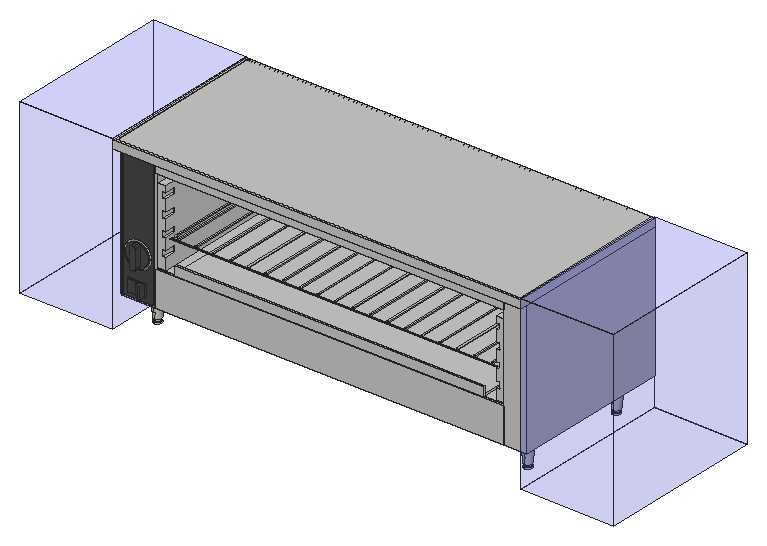
Revit family "QF_Vollrath_CM4-24035PA", category Specialty Equipment, Revit 2016
Family settings
  Part Type = Normal
  Round Connector Dimension = Use Diameter
  OmniClass Number = 23.40.40.00
  OmniClass Title = Food Service Equipment and Furnishings
  Work Plane-Based = No
  Always vertical = Yes
  Cut with Voids When Loaded = No
  Shared = No
  Room Calculation Point = No
Parameters (values of type "240/60/1")
  Width = 35 1/8"
  Weight in Pounds = 60
  Watts = 3660 W
  Watermarked By = ""
  Volts = 240 V
  URL Cutsheet = ""
  URL = "http://vollrath.com/Vollrath.htm"
  Status [instance] = ""
  Specification by User [instance] = ""
  Specification by Manufacturer [instance] = ""
  Serial Number [instance] = ""
  Revision Code [instance] = ""
  Phase = 1
  Number of Poles [instance] = 1
  NAFEM Spec ID Number [instance] = ""
  Model = "CM4-24035PA"
  Masterspec [instance] = ""
  Manufacturer = "Vollrath"
  Item Number [instance] = "-"
  Installed By [instance] = ""
  Height = 14 3/4"
  Furnished By [instance] = ""
  Foodservice Equipment Identifier = yes
  FL Amps = 15.3 A
  Electrical Remarks [instance] = ""
  Electric Connection Type = ""
  Elec Conn RI Height [instance] = 0"
  Elec Conn Connection Height = 0"
  Description = "Cheese Melter"
  Depth = 14 3/8"
  Cycle = 60 Hz
  Conn Plug = "NEMA 6-30P"
  CSI MasterFormat = ""
  Assembly Code = "E1090320"
  Apparent Power = if(Phase = 3, Volts * FL Amps * 1.73, Volts * FL Amps)  # 3672 VA
Reference planes (in)
  plane 1 "BACK": y = 0
  plane 2: z = 0
  plane 3 "LEFT": x = -16.56573
  plane 4 "RIGHT": x = 18.55927
  plane 5 "FRONT": y = -14.375
  plane 6 "TOP": z = 14.75
  plane 7: x = 0.99677
  plane 8: y = -6.84375
  plane 9: x = 26.55927
  plane 10: x = -24.56573
  plane 11 "Right Inner": x = 16.55927
  plane 12 "Left Inner": x = -13.44073
  plane 13 "Leg Right": x = 16.93427
  plane 14 "Leg Left": x = -14.94073
  plane 15 "Leg Back": y = -2.09375
  plane 16 "Leg Front": y = -11.59375
  plane 17 "Bottom of Box": z = 2.5
  plane 18 "Bottom of Top": z = 13.9375
  plane 19 "Front of Box": y = -13.75
  plane 20 "Oven Rack": z = 7.8125
Forms (in)
  Extrusion 1, solid, material "QF_Clearance", detail levels medium+fine
    sketch origin (0, 0, 0) x (1, 0, 0) y (0, 1, 0)
      loop
        line (-24.56573, 0) -> (-24.56573, -14.375) -> (-16.56573, -14.375) -> (-16.56573, 0) -> (-24.56573, 0)
      loop
        line (26.55927, 0) -> (18.55927, 0) -> (18.55927, -14.375) -> (26.55927, -14.375) -> (26.55927, 0)
    from 0 to 14.75
  Revolve 2, solid, material "QF_Stainless-Polished"
    sketch origin (-14.94073, 0, 0) x (0, 1, 0) y (0, 0, 1)
      loop
        line (-2.09375, 2.5) -> (-2.09375, 0) -> (-1.76906, 0) -> (-1.76906, 0.0625) -> (-1.89375, 0.0625) -> (-1.89375, 0.2) -> (-1.85375, 0.2) -> (-1.84506, 0.35204) -> (-1.76506, 0.35204) -> (-1.61375, 2.5) -> (-2.09375, 2.5)
      axis (-2.09375, 0) -> (-2.09375, 2.5)
    angle from 0 to 360
  Revolve 3, solid, material "QF_Stainless-Polished"
    sketch origin (-14.94073, 0, 0) x (0, 1, 0) y (0, 0, 1)
      loop
        line (-11.59375, 2.5) -> (-11.59375, 0) -> (-11.26906, 0) -> (-11.26906, 0.0625) -> (-11.39375, 0.0625) -> (-11.39375, 0.2) -> (-11.35375, 0.2) -> (-11.34506, 0.35204) -> (-11.26506, 0.35204) -> (-11.11375, 2.5) -> (-11.59375, 2.5)
      axis (-11.59375, 0) -> (-11.59375, 2.5)
    angle from 0 to 360
  Revolve 4, solid, material "QF_Stainless-Polished"
    sketch origin (16.93427, 0, 0) x (0, 1, 0) y (0, 0, 1)
      loop
        line (-2.09375, 2.5) -> (-2.09375, 0) -> (-1.76906, 0) -> (-1.76906, 0.0625) -> (-1.89375, 0.0625) -> (-1.89375, 0.2) -> (-1.85375, 0.2) -> (-1.84506, 0.35204) -> (-1.76506, 0.35204) -> (-1.61375, 2.5) -> (-2.09375, 2.5)
      axis (-2.09375, 0) -> (-2.09375, 2.5)
    angle from 0 to 360
  Revolve 5, solid, material "QF_Stainless-Polished"
    sketch origin (16.93427, 0, 0) x (0, 1, 0) y (0, 0, 1)
      loop
        line (-11.59375, 2.5) -> (-11.59375, 0) -> (-11.26906, 0) -> (-11.26906, 0.0625) -> (-11.39375, 0.0625) -> (-11.39375, 0.2) -> (-11.35375, 0.2) -> (-11.34506, 0.35204) -> (-11.26506, 0.35204) -> (-11.11375, 2.5) -> (-11.59375, 2.5)
      axis (-11.59375, 0) -> (-11.59375, 2.5)
    angle from 0 to 360
  Sweep 6, solid, material "QF_Stainless-Polished"
    path origin (0, 0, 14.75) x (0, 1, 0) y (-1, 0, 0)
      loop
        line (0, 16.56573) -> (-14.375, 16.56573) -> (-14.375, -18.55927) -> (0, -18.55927) -> (0, 16.56573)
    profile origin (0.99677, 0, 14.75) x (0, 1, 0) y (0, 0, 1)
      loop
        line (0, -0.125) -> (-0.125, 0) -> (-0.8125, 0) -> (-0.8125, -0.125) -> (-0.17678, -0.125) -> (-0.125, -0.17678) -> (-0.125, -0.8125) -> (0, -0.8125) -> (0, -0.125)
  Extrusion 7, solid, material "QF_Stainless-Polished"
    sketch origin (0, 0, 14.75) x (0, 1, 0) y (-1, 0, 0)
      loop
        line (-0.8125, 15.75323) -> (-13.5625, 15.75323) -> (-13.5625, -17.74677) -> (-0.8125, -17.74677) -> (-0.8125, 15.75323)
    from 0 to -0.125
  Extrusion 8, solid, material "QF_Stainless-Polished"
    sketch origin (0, 0, 13.9375) x (0, 1, 0) y (-1, 0, 0)
      loop
        line (-0.125, 16.44073) -> (-14.25, 16.44073) -> (-14.25, -18.43427) -> (-0.125, -18.43427) -> (-0.125, 16.44073)
    from 0 to 0.125
  Extrusion 9, solid, material "QF_Stainless-Polished"
    sketch origin (-16.56573, 0, 0) x (0, 1, 0) y (0, 0, 1)
      loop
        line (0, 13.9375) -> (-13.5, 13.9375) -> (-13.5, 2.5) -> (0, 2.5) -> (0, 13.9375)
      loop
        circle (-6.84375, 7.28125) r 2
    from 0 to 0.25
  Sweep 10, solid, material "QF_Stainless-Polished"
    path origin (-16.56573, 0, 0) x (0, 1, 0) y (0, 0, 1)
      loop
        circle (-6.84375, 7.28125) r 1.75
    profile origin (-16.56573, -6.84375, 9.03125) x (0, 0, -1) y (1, 0, 0)
      loop
        circle (0, 0) r 0.0625
  Sweep 11, solid, material "QF_Stainless-Polished"
    path origin (-16.56573, 0, 0) x (0, 1, 0) y (0, 0, 1)
      loop
        circle (-6.84375, 7.28125) r 1.5
    profile origin (-16.56573, -6.84375, 8.78125) x (0, 0, -1) y (1, 0, 0)
      loop
        circle (0, 0) r 0.0625
  Sweep 12, solid, material "QF_Stainless-Polished"
    path origin (-16.56573, 0, 0) x (0, 1, 0) y (0, 0, 1)
      loop
        circle (-6.84375, 7.28125) r 1.25
    profile origin (-16.56573, -6.84375, 8.53125) x (0, 0, -1) y (1, 0, 0)
      loop
        circle (0, 0) r 0.0625
  Sweep 13, solid, material "QF_Stainless-Polished"
    path origin (-16.56573, 0, 0) x (0, 1, 0) y (0, 0, 1)
      loop
        circle (-6.84375, 7.28125) r 1
    profile origin (-16.56573, -6.84375, 8.28125) x (0, 0, -1) y (1, 0, 0)
      loop
        circle (0, 0) r 0.0625
  Sweep 14, solid, material "QF_Stainless-Polished"
    path origin (-16.56573, 0, 0) x (0, 1, 0) y (0, 0, 1)
      loop
        circle (-6.84375, 7.28125) r 0.75
    profile origin (-16.56573, -6.84375, 8.03125) x (0, 0, -1) y (1, 0, 0)
      loop
        circle (0, 0) r 0.0625
  Sweep 15, solid, material "QF_Stainless-Polished"
    path origin (-16.56573, 0, 0) x (0, 1, 0) y (0, 0, 1)
      loop
        circle (-6.84375, 7.28125) r 0.5
    profile origin (-16.56573, -6.84375, 7.78125) x (0, 0, -1) y (1, 0, 0)
      loop
        circle (0, 0) r 0.0625
  Sweep 16, solid, material "QF_Stainless-Polished"
    path origin (-16.56573, 0, 0) x (0, 1, 0) y (0, 0, 1)
      loop
        circle (-6.84375, 7.28125) r 0.25
    profile origin (-16.56573, -6.84375, 7.53125) x (0, 0, -1) y (1, 0, 0)
      loop
        circle (0, 0) r 0.0625
  Sweep 17, solid, material "QF_Stainless-Polished"
    path origin (-16.56573, 0, 0) x (0, 1, 0) y (0, 0, 1)
      loop
        line (-8.12711, 8.92748) -> (-5.56039, 5.13656)
    profile origin (-16.56573, -6.84375, 7.03202) x (0, 0.828053, 0.56065) y (1, 0, 0)
      loop
        arc (-0.125, 0) -> (0, -0.125) -> (0.125, 0) r 0.125
        line (0.125, 0) -> (-0.125, 0)
  Sweep 18, solid, material "QF_Stainless-Polished"
    path origin (-16.56573, 0, 0) x (0, 1, 0) y (0, 0, 1)
      loop
        line (-5.56039, 8.94762) -> (-8.12711, 5.1567)
    profile origin (-16.56573, -6.84375, 7.05216) x (0, 0.828053, -0.56065) y (1, 0, 0)
      loop
        line (0.125, 0) -> (-0.125, 0)
        arc (-0.125, 0) -> (0, -0.125) -> (0.125, 0) r 0.125
  Extrusion 19, solid, material "QF_Stainless-Polished"
    sketch origin (18.55927, 0, 0) x (0, 1, 0) y (0, 0, 1)
      loop
        line (0, 13.9375) -> (-13.75, 13.9375) -> (-13.75, 2.5) -> (0, 2.5) -> (0, 13.9375)
    from 0 to -0.25
  Extrusion 20, solid, material "QF_Stainless-Polished"
    sketch origin (0, 0, 0) x (1, 0, 0) y (0, 0, 1)
      loop
        line (18.30927, 2.5) -> (18.30927, 13.9375) -> (-16.31573, 13.9375) -> (-16.31573, 2.5) -> (18.30927, 2.5)
    from 0 to 0.25
  Extrusion 21, solid, material "QF_Stainless-Polished"
    sketch origin (0, 0, 2.5) x (0, 1, 0) y (-1, 0, 0)
      loop
        line (-0.25, 16.31573) -> (-13.75, 16.31573) -> (-13.75, -18.30927) -> (-0.25, -18.30927) -> (-0.25, 16.31573)
    from 0 to 0.25
  Extrusion 22, solid, material "QF_Stainless-Polished"
    sketch origin (0, -13.75, 0) x (-1, 0, 0) y (0, 0, 1)
      loop
        line (-18.55927, 2.5) -> (-16.55927, 2.5) -> (-16.55927, 13.9375) -> (-18.55927, 13.9375) -> (-18.55927, 2.5)
    from 0 to 11.25
  Extrusion 23, solid, material "QF_Stainless-Polished"
    sketch origin (0, -13.75, 0) x (-1, 0, 0) y (0, 0, 1)
      loop
        line (-16.55927, 13.9375) -> (-16.55927, 12.9375) -> (13.44073, 12.9375) -> (13.44073, 13.9375) -> (-16.55927, 13.9375)
    from 0 to 0.25
  Extrusion 24, void
    sketch origin (0, -13.75, 0) x (-1, 0, 0) y (0, 0, 1)
      loop
        line (13.44073, 2.75) -> (13.44073, 2.5) -> (16.31573, 2.5) -> (16.31573, 2.75) -> (13.44073, 2.75)
    from 0 to 0.25
  Extrusion 25, solid, material "QF_Stainless-Polished"
    sketch origin (0, -13.75, 0) x (-1, 0, 0) y (0, 0, 1)
      loop
        line (13.44073, 2.5) -> (16.31573, 2.5) -> (16.31573, 13.9375) -> (13.44073, 13.9375) -> (13.44073, 2.5)
      loop
        line (16.19073, 2.75) -> (16.19073, 13.6875)
        arc (16.19073, 13.6875) -> (16.15411, 13.77589) -> (16.06573, 13.8125) r 0.125
        line (16.06573, 13.8125) -> (13.69073, 13.8125)
        arc (13.69073, 13.8125) -> (13.60234, 13.77589) -> (13.56573, 13.6875) r 0.125
        line (13.56573, 13.6875) -> (13.56573, 2.75)
        arc (13.56573, 2.75) -> (13.60234, 2.66161) -> (13.69073, 2.625) r 0.125
        line (13.69073, 2.625) -> (16.06573, 2.625)
        arc (16.06573, 2.625) -> (16.15411, 2.66161) -> (16.19073, 2.75) r 0.125
    from 0 to 0.25
  Extrusion 26, solid, material "QF_Steel-Paint Finish-Black"
    sketch origin (0, -13.75, 0) x (-1, 0, 0) y (0, 0, 1)
      loop
        arc (13.69073, 13.8125) -> (13.60234, 13.77589) -> (13.56573, 13.6875) r 0.125
        line (13.56573, 13.6875) -> (13.56573, 2.75)
        arc (13.56573, 2.75) -> (13.60234, 2.66161) -> (13.69073, 2.625) r 0.125
        line (13.69073, 2.625) -> (16.06573, 2.625)
        arc (16.06573, 2.625) -> (16.15411, 2.66161) -> (16.19073, 2.75) r 0.125
        line (16.19073, 2.75) -> (16.19073, 13.6875)
        arc (16.19073, 13.6875) -> (16.15411, 13.77589) -> (16.06573, 13.8125) r 0.125
        line (16.06573, 13.8125) -> (13.69073, 13.8125)
      loop
        circle (14.87823, 6.125) r 1
      loop
        line (15.69073, 3.125) -> (15.69073, 4.125) -> (14.19073, 4.125) -> (14.19073, 3.125) -> (15.69073, 3.125)
    from 0 to 0.25
  Extrusion 27, void
    sketch origin (0, -13.75, 0) x (-1, 0, 0) y (0, 0, 1)
      loop
        line (13.44073, 2.75) -> (-16.55927, 2.75) -> (-16.55927, 2.5) -> (13.44073, 2.5) -> (13.44073, 2.75)
    from 0 to 0.25
  Extrusion 28, solid, material "QF_Stainless-Polished"
    sketch origin (0, -13.75, 0) x (-1, 0, 0) y (0, 0, 1)
      loop
        line (13.44073, 2.5) -> (13.44073, 5.5) -> (-16.55927, 5.5) -> (-16.55927, 2.5) -> (13.44073, 2.5)
    from 0 to 0.25
  Extrusion 29, solid, material "QF_Stainless-Polished"
    sketch origin (0, -13.75, 0) x (-1, 0, 0) y (0, 0, 1)
      loop
        line (13.44073, 2.75) -> (13.69073, 2.75) -> (13.69073, 13.9375) -> (13.44073, 13.9375) -> (13.44073, 2.75)
    from 0.25 to 13.5
  Extrusion 30, solid, material "QF_Plastic-Black-Coarse"
    sketch origin (0, -13.75, 0) x (-1, 0, 0) y (0, 0, 1)
      loop
        circle (14.87823, 6.125) r 1
      loop
        line (15.69073, 4.125) -> (14.19073, 4.125) -> (14.19073, 3.125) -> (15.69073, 3.125) -> (15.69073, 4.125)
    from 0 to -0.125
  Extrusion 31, solid, material "QF_Plastic-Black-Coarse"
    sketch origin (0, -13.875, 0) x (1, 0, 0) y (0, 0, 1)
      loop
        line (-15.12823, 6.92783) -> (-15.12823, 5.32217)
        arc (-15.12823, 5.32217) -> (-15.09817, 5.24087) -> (-15.02246, 5.19866) r 0.125
        arc (-15.02246, 5.19866) -> (-14.87823, 5.1875) -> (-14.73399, 5.19866) r 0.9375
        arc (-14.73399, 5.19866) -> (-14.65828, 5.24087) -> (-14.62823, 5.32217) r 0.125
        line (-14.62823, 5.32217) -> (-14.62823, 6.92783)
        arc (-14.62823, 6.92783) -> (-14.65828, 7.00913) -> (-14.73399, 7.05134) r 0.125
        arc (-14.73399, 7.05134) -> (-14.87823, 7.0625) -> (-15.02246, 7.05134) r 0.9375
        arc (-15.02246, 7.05134) -> (-15.09817, 7.00913) -> (-15.12823, 6.92783) r 0.125
    from 0 to 0.5
  Extrusion 32, solid, material "QF_Plastic-Black-Coarse"
    sketch origin (-15.69073, -13.75, 4.125) x (1, 0, 0) y (0, 1, 0)
      loop
        line (1.4375, -0.125) -> (0.0625, -0.125) -> (0.0625, -0.22041) -> (0.70081, -0.22041)
        arc (0.70081, -0.22041) -> (0.89215, -0.25847) -> (1.05436, -0.36686) r 0.5
        line (1.05436, -0.36686) -> (1.3125, -0.625) -> (1.4375, -0.625) -> (1.4375, -0.125)
    from 0 to -1
  Extrusion 33, solid, material "QF_Stainless-Polished"
    sketch origin (0, -13.75, 0) x (-1, 0, 0) y (0, 0, 1)
      loop
        line (-16.55927, 5.5625) -> (-15.80927, 5.5625) -> (-15.80927, 12.0625) -> (-16.55927, 12.0625) -> (-16.55927, 5.5625)
      loop
        line (13.44073, 5.5625) -> (13.44073, 12.0625) -> (12.69073, 12.0625) -> (12.69073, 5.5625) -> (13.44073, 5.5625)
    from 0.25 to 13.5
  Sweep 34, solid, material "QF_Stainless-Polished"
    path origin (0, -13.75, 0) x (-1, 0, 0) y (0, 0, 1)
      loop
        circle (14.87823, 6.125) r 1
    profile origin (-14.87823, -13.75, 7.125) x (0, 0, -1) y (0, 1, 0)
      loop
        line (0, 0) -> (-0.125, 0)
        arc (-0.125, 0) -> (-0.0625, -0.0625) -> (0, 0) r 0.0625
  Extrusion 35, solid, material "QF_Stainless-Polished"
    sketch origin (0, 0, 0) x (1, 0, 0) y (0, 0, 1)
      loop
        circle (-14.94073, 4.64039) r 0.25
    from 0 to -0.25
  Extrusion 36, solid, material "QF_Stainless-Polished"
    sketch origin (0, -13.75, 0) x (-1, 0, 0) y (0, 0, 1)
      loop
        line (13.44073, 5.5) -> (-16.55927, 5.5) -> (-16.55927, 2.75) -> (13.44073, 2.75) -> (13.44073, 5.5)
    from 0.25 to 13.5
  Extrusion 37, solid, material "QF_Stainless-Polished"
    sketch origin (0, 0, 0) x (1, 0, 0) y (0, 0, 1)
      loop
        arc (10.99677, 10.96875) -> (10.85033, 11.3223) -> (10.49677, 11.46875) r 0.5
        line (10.49677, 11.46875) -> (-8.50323, 11.46875)
        arc (-8.50323, 11.46875) -> (-8.85678, 11.3223) -> (-9.00323, 10.96875) r 0.5
        line (-9.00323, 10.96875) -> (-9.00323, 6.96875)
        arc (-9.00323, 6.96875) -> (-8.85678, 6.6152) -> (-8.50323, 6.46875) r 0.5
        line (-8.50323, 6.46875) -> (10.49677, 6.46875)
        arc (10.49677, 6.46875) -> (10.85033, 6.6152) -> (10.99677, 6.96875) r 0.5
        line (10.99677, 6.96875) -> (10.99677, 10.96875)
    from 0.25 to 0.5
  Extrusion 38, void
    sketch origin (0, -13.5, 0) x (-1, 0, 0) y (0, 0, 1)
      loop
        line (12.69073, 6.5625) -> (12.94073, 6.5625) -> (12.94073, 7.0625) -> (12.69073, 7.0625) -> (12.69073, 6.5625)
      loop
        line (12.69073, 8.0625) -> (12.94073, 8.0625) -> (12.94073, 8.5625) -> (12.69073, 8.5625) -> (12.69073, 8.0625)
      loop
        line (12.69073, 9.5625) -> (12.94073, 9.5625) -> (12.94073, 10.0625) -> (12.69073, 10.0625) -> (12.69073, 9.5625)
      loop
        line (12.69073, 11.0625) -> (12.94073, 11.0625) -> (12.94073, 11.5625) -> (12.69073, 11.5625) -> (12.69073, 11.0625)
      loop
        line (-15.80927, 6.5625) -> (-15.80927, 7.0625) -> (-16.05927, 7.0625) -> (-16.05927, 6.5625) -> (-15.80927, 6.5625)
      loop
        line (-15.80927, 8.0625) -> (-15.80927, 8.5625) -> (-16.05927, 8.5625) -> (-16.05927, 8.0625) -> (-15.80927, 8.0625)
      loop
        line (-15.80927, 9.5625) -> (-15.80927, 10.0625) -> (-16.05927, 10.0625) -> (-16.05927, 9.5625) -> (-15.80927, 9.5625)
      loop
        line (-15.80927, 11.0625) -> (-15.80927, 11.5625) -> (-16.05927, 11.5625) -> (-16.05927, 11.0625) -> (-15.80927, 11.0625)
    from 0 to 1
  Extrusion 39, solid, material "QF_Stainless-Polished"
    sketch origin (0, -13.75, 0) x (-1, 0, 0) y (0, 0, 1)
      loop
        line (11.69073, 5.625) -> (11.69073, 6.375) -> (-14.80927, 6.375) -> (-14.80927, 5.625) -> (11.69073, 5.625)
    from 0 to 0.125
  Extrusion 40, solid, material "QF_Stainless-Polished"
    sketch origin (0, -13.75, 0) x (-1, 0, 0) y (0, 0, 1)
      loop
        line (11.69073, 5.625) -> (11.69073, 5.75) -> (-14.80927, 5.75) -> (-14.80927, 5.625) -> (11.69073, 5.625)
    from 0.125 to 12
  Sweep 41, solid, material "QF_Stainless-Polished"
    path origin (0, 0, 7.8125) x (0, 1, 0) y (-1, 0, 0)
      loop
        arc (-1.75, 12.5077) -> (-1.78661, 12.59609) -> (-1.875, 12.6327) r 0.125
        line (-1.875, 12.6327) -> (-12.48839, 12.6327)
        arc (-12.48839, 12.6327) -> (-12.56402, 12.65817) -> (-12.60883, 12.72421) r 0.125
        arc (-12.60883, 12.72421) -> (-12.65363, 12.79025) -> (-12.72926, 12.81573) r 0.125
        line (-12.72926, 12.81573) -> (-12.875, 12.81573)
        arc (-12.875, 12.81573) -> (-12.96339, 12.77911) -> (-13, 12.69073) r 0.125
        line (-13, 12.69073) -> (-13, -15.80927)
        arc (-13, -15.80927) -> (-12.96339, -15.89766) -> (-12.875, -15.93427) r 0.125
        line (-12.875, -15.93427) -> (-12.73839, -15.93427)
        arc (-12.73839, -15.93427) -> (-12.66277, -15.9088) -> (-12.61796, -15.84276) r 0.125
        arc (-12.61796, -15.84276) -> (-12.57316, -15.77672) -> (-12.49753, -15.75125) r 0.125
        line (-12.49753, -15.75125) -> (-1.875, -15.75125)
        arc (-1.875, -15.75125) -> (-1.78661, -15.71463) -> (-1.75, -15.62625) r 0.125
        line (-1.75, -15.62625) -> (-1.75, 12.5077)
    profile origin (1.55927, -1.75, 7.8125) x (0, 1, 0) y (0, 0, 1)
      loop
        circle (0, 0) r 0.0625
  Extrusion 42, solid, material "QF_Stainless-Polished"
    sketch origin (0, -13.75, 0) x (-1, 0, 0) y (0, 0, 1)
      loop
        circle (12.02244, 7.9375) r 0.0625
    from 0.75136 to 12
  Extrusion 43, solid, material "QF_Stainless-Polished"
    sketch origin (1.5, -13.75, 0) x (-1, 0, 0) y (0, 0, 1)
      loop
        circle (12.02244, 7.9375) r 0.0625
    from 0.75136 to 12
  Extrusion 44, solid, material "QF_Stainless-Polished"
    sketch origin (3, -13.75, 0) x (-1, 0, 0) y (0, 0, 1)
      loop
        circle (12.02244, 7.9375) r 0.0625
    from 0.75136 to 12
  Extrusion 45, solid, material "QF_Stainless-Polished"
    sketch origin (4.5, -13.75, 0) x (-1, 0, 0) y (0, 0, 1)
      loop
        circle (12.02244, 7.9375) r 0.0625
    from 0.75136 to 12
  Extrusion 46, solid, material "QF_Stainless-Polished"
    sketch origin (6, -13.75, 0) x (-1, 0, 0) y (0, 0, 1)
      loop
        circle (12.02244, 7.9375) r 0.0625
    from 0.75136 to 12
  Extrusion 47, solid, material "QF_Stainless-Polished"
    sketch origin (7.5, -13.75, 0) x (-1, 0, 0) y (0, 0, 1)
      loop
        circle (12.02244, 7.9375) r 0.0625
    from 0.75136 to 12
  Extrusion 48, solid, material "QF_Stainless-Polished"
    sketch origin (9, -13.75, 0) x (-1, 0, 0) y (0, 0, 1)
      loop
        circle (12.02244, 7.9375) r 0.0625
    from 0.75136 to 12
  Extrusion 49, solid, material "QF_Stainless-Polished"
    sketch origin (10.5, -13.75, 0) x (-1, 0, 0) y (0, 0, 1)
      loop
        circle (12.02244, 7.9375) r 0.0625
    from 0.75136 to 12
  Extrusion 50, solid, material "QF_Stainless-Polished"
    sketch origin (12, -13.75, 0) x (-1, 0, 0) y (0, 0, 1)
      loop
        circle (12.02244, 7.9375) r 0.0625
    from 0.75136 to 12
  Extrusion 51, solid, material "QF_Stainless-Polished"
    sketch origin (13.5, -13.75, 0) x (-1, 0, 0) y (0, 0, 1)
      loop
        circle (12.02244, 7.9375) r 0.0625
    from 0.75136 to 12
  Extrusion 52, solid, material "QF_Stainless-Polished"
    sketch origin (15, -13.75, 0) x (-1, 0, 0) y (0, 0, 1)
      loop
        circle (12.02244, 7.9375) r 0.0625
    from 0.75136 to 12
  Extrusion 53, solid, material "QF_Stainless-Polished"
    sketch origin (16.5, -13.75, 0) x (-1, 0, 0) y (0, 0, 1)
      loop
        circle (12.02244, 7.9375) r 0.0625
    from 0.75136 to 12
  Extrusion 54, solid, material "QF_Stainless-Polished"
    sketch origin (18, -13.75, 0) x (-1, 0, 0) y (0, 0, 1)
      loop
        circle (12.02244, 7.9375) r 0.0625
    from 0.75136 to 12
  Extrusion 55, solid, material "QF_Stainless-Polished"
    sketch origin (19.5, -13.75, 0) x (-1, 0, 0) y (0, 0, 1)
      loop
        circle (12.02244, 7.9375) r 0.0625
    from 0.75136 to 12
  Extrusion 56, solid, material "QF_Stainless-Polished"
    sketch origin (21, -13.75, 0) x (-1, 0, 0) y (0, 0, 1)
      loop
        circle (12.02244, 7.9375) r 0.0625
    from 0.75136 to 12
  Extrusion 57, solid, material "QF_Stainless-Polished"
    sketch origin (22.5, -13.75, 0) x (-1, 0, 0) y (0, 0, 1)
      loop
        circle (12.02244, 7.9375) r 0.0625
    from 0.75136 to 12
  Extrusion 58, solid, material "QF_Stainless-Polished"
    sketch origin (24, -13.75, 0) x (-1, 0, 0) y (0, 0, 1)
      loop
        circle (12.02244, 7.9375) r 0.0625
    from 0.75136 to 12
  Extrusion 59, solid, material "QF_Stainless-Polished"
    sketch origin (25.5, -13.75, 0) x (-1, 0, 0) y (0, 0, 1)
      loop
        circle (12.02244, 7.9375) r 0.0625
    from 0.75136 to 12
  Extrusion 60, solid, material "QF_Stainless-Polished"
    sketch origin (27, -13.75, 0) x (-1, 0, 0) y (0, 0, 1)
      loop
        circle (12.02244, 7.9375) r 0.0625
    from 0.75136 to 12
Cuts and joins
  joined: Sweep 6, Extrusion 7, Extrusion 8
  Extrusion 24, Extrusion 27 cuts Extrusion 9
  Extrusion 24, Extrusion 27 cuts Extrusion 19
  Extrusion 24, Extrusion 27 cuts Extrusion 20
  Extrusion 24, Extrusion 27 cuts Extrusion 21
  Extrusion 24, Extrusion 27 cuts Extrusion 22
  joined: Extrusion 9, Extrusion 19, Extrusion 20, Extrusion 21, Extrusion 22
  Extrusion 24 cuts Revolve 2
  Extrusion 24 cuts Revolve 3
  Extrusion 27 cuts Extrusion 25
  Extrusion 38 cuts Extrusion 33
Lines and regions (in)
  symbolic lines, style "QF_Clearances_Code Mandatory"
    curve 1: line (-24.56573, 0, 0) -> (-16.56573, 0, 0)
    curve 2: line (-24.56573, -14.375, 0) -> (-24.56573, 0, 0)
    curve 3: line (-16.56573, -14.375, 0) -> (-24.56573, -14.375, 0)
    curve 5: line (26.55927, 0, 0) -> (18.55927, 0, 0)
    curve 6: line (26.55927, -14.375, 0) -> (26.55927, 0, 0)
    curve 7: line (18.55927, -14.375, 0) -> (26.55927, -14.375, 0)
  symbolic lines, style "SpecialityEquipment"
    curve 4: line (-16.56573, 0, 0) -> (-16.56573, -14.375, 0)
    curve 8: line (18.55927, 0, 0) -> (18.55927, -14.375, 0)
  symbolic lines
    curve 9: line (18.55927, 0, 2.5) -> (-16.56573, 0, 2.5)
    curve 10: line (-16.56573, -14.375, 2.5) -> (18.55927, -14.375, 2.5)
  symbolic lines, style "QF_Details_Undercounter"
    curve 11: line (-16.31573, -13.75, 2.5) -> (18.55927, -13.75, 2.5)
    curve 12: line (-16.31573, -13.5, 2.5) -> (-16.31573, -13.75, 2.5)
    curve 13: line (-16.31573, -13.5, 2.5) -> (-16.56573, -13.5, 2.5)
Dimensions and locks (in)
  "Depth": plane 5 "FRONT" to plane 1 "BACK"
  "Height": plane 6 "TOP" to plane 2
  "Width": plane 4 "RIGHT" to plane 3 "LEFT"
  equal spacing: plane 3 "LEFT", plane 7, plane 4 "RIGHT"
  locked: plane 10 to plane 3 "LEFT" at 8
  locked: plane 4 "RIGHT" to plane 9 at 8
  locked: plane 3 "LEFT" to plane 14 "Leg Left" at 1.625
  locked: plane 13 "Leg Right" to plane 4 "RIGHT" at 1.625
  locked: plane 6 "TOP" to plane 18 "Bottom of Top" at 0.8125
  locked: plane 19 "Front of Box" to plane 5 "FRONT" at 0.625
  locked: Extrusion 9 sketch curve to plane 19 "Front of Box" at 0.25
  locked: plane 3 "LEFT" to plane 12 "Left Inner" at 3.125
  plane 17 "Bottom of Box" to level = 2 1/2"
  locked: plane 11 "Right Inner" to plane 4 "RIGHT" at 2
  equal spacing: plane 16 "Leg Front", plane 8, plane 15 "Leg Back"
  plane 16 "Leg Front" to plane 15 "Leg Back" = 9 1/2"
  plane 20 "Oven Rack" to plane 17 "Bottom of Box" = 5 5/16"
  equal spacing: group 1, group 2, group 3, group 4, group 5, group 6, group 7, group 8, group 9, group 10, group 11, group 12, group 13, group 14, group 15, group 16, group 17, group 18, group 19  (x3)
  plane 12 "Left Inner" to plane 11 "Right Inner" = 30"
  aligned and locked: level to plane 2
  aligned and locked: plane 1 "BACK" to Extrusion 1 sketch curve
  aligned and locked: plane 10 to Extrusion 1 sketch curve
  aligned and locked: plane 5 "FRONT" to Extrusion 1 sketch curve
  aligned and locked: Extrusion 1 sketch curve to plane 3 "LEFT"
  aligned and locked: Extrusion 1 sketch curve to plane 1 "BACK"
  aligned and locked: plane 9 to Extrusion 1 sketch curve
  aligned and locked: Extrusion 1 sketch curve to plane 5 "FRONT"
  aligned and locked: Extrusion 1 sketch curve to plane 4 "RIGHT"
  aligned and locked: curve 1 to Extrusion 1
  aligned and locked: curve 2 to Extrusion 1
  aligned and locked: curve 3 to Extrusion 1
  aligned and locked: curve 4 to Extrusion 1
  aligned and locked: curve 5 to Extrusion 1
  aligned and locked: curve 6 to Extrusion 1
  aligned and locked: curve 7 to Extrusion 1
  aligned and locked: curve 8 to Extrusion 1
  aligned and locked: plane 6 "TOP" to Extrusion 1
  aligned and locked: plane 15 "Leg Back" to Revolve 2 sketch curve
  aligned and locked: plane 16 "Leg Front" to Revolve 3 sketch curve
  aligned and locked: plane 17 "Bottom of Box" to Revolve 3 sketch curve
  aligned and locked: plane 17 "Bottom of Box" to Revolve 2 sketch curve
  aligned and locked: plane 17 "Bottom of Box" to Revolve 4 sketch curve
  aligned and locked: plane 15 "Leg Back" to Revolve 4 sketch curve
  aligned and locked: plane 17 "Bottom of Box" to Revolve 5 sketch curve
  aligned and locked: plane 16 "Leg Front" to Revolve 5 sketch curve
  aligned and locked: Sweep 6 sketch curve to Extrusion 1  (x4)
  aligned and locked: Sweep 6 sketch curve to plane 1 "BACK"
  aligned and locked: Sweep 6 sketch curve to plane 6 "TOP"
  aligned and locked: Extrusion 7 sketch curve to Sweep 6  (x4)
  aligned and locked: Extrusion 8 sketch curve to cut or joined group of Sweep 6, Extrusion 7, Extrusion 8  (x3)
  aligned and locked: Extrusion 9 sketch curve to cut or joined group of Sweep 6, Extrusion 7, Extrusion 8  (x2)
  aligned and locked: Extrusion 9 sketch curve to plane 17 "Bottom of Box"
  aligned and locked: Extrusion 19 sketch curve to cut or joined group of Sweep 6, Extrusion 7, Extrusion 8
  aligned and locked: Extrusion 19 sketch curve to Extrusion 9  (x2)
  aligned and locked: Extrusion 20 sketch curve to Extrusion 19  (x2)
  aligned and locked: Extrusion 9 to Extrusion 20 sketch curve
  aligned and locked: Extrusion 20 sketch curve to Extrusion 9
  aligned and locked: Extrusion 21 sketch curve to Extrusion 20  (x2)
  aligned and locked: Extrusion 19 to Extrusion 21 sketch curve  (x2)
  aligned and locked: Extrusion 22 sketch curve to Extrusion 19  (x2)
  aligned and locked: plane 18 "Bottom of Top" to Extrusion 22 sketch curve
  aligned and locked: Extrusion 22 sketch curve to plane 11 "Right Inner"
  aligned and locked: Extrusion 23 sketch curve to plane 11 "Right Inner"
  aligned and locked: plane 12 "Left Inner" to Extrusion 23 sketch curve
  aligned and locked: Extrusion 23 sketch curve to plane 18 "Bottom of Top"
  aligned and locked: Extrusion 24 sketch curve to cut or joined group of Extrusion 9, Extrusion 19, Extrusion 20, Extrusion 21, Extrusion 22, Extrusion 24, Extrusion 27  (x3)
  aligned and locked: Extrusion 24 sketch curve to plane 12 "Left Inner"
  aligned and locked: cut or joined group of Extrusion 9, Extrusion 19, Extrusion 20, Extrusion 21, Extrusion 22, Extrusion 24, Extrusion 27 to Extrusion 25 sketch curve  (x2)
  aligned and locked: Extrusion 25 sketch curve to cut or joined group of Extrusion 9, Extrusion 19, Extrusion 20, Extrusion 21, Extrusion 22, Extrusion 24, Extrusion 27  (x2)
  aligned and locked: Extrusion 26 sketch curve to Extrusion 25  (x4)
  aligned and locked: cut or joined group of Extrusion 9, Extrusion 19, Extrusion 20, Extrusion 21, Extrusion 22, Extrusion 24, Extrusion 27 to Extrusion 27 sketch curve
  aligned and locked: Extrusion 27 sketch curve to cut or joined group of Extrusion 9, Extrusion 19, Extrusion 20, Extrusion 21, Extrusion 22, Extrusion 24, Extrusion 27
  aligned and locked: Extrusion 27 sketch curve to plane 17 "Bottom of Box"
  aligned and locked: plane 11 "Right Inner" to Extrusion 27 sketch curve
  aligned and locked: Extrusion 28 sketch curve to plane 17 "Bottom of Box"
  aligned and locked: Extrusion 28 sketch curve to cut or joined group of Extrusion 9, Extrusion 19, Extrusion 20, Extrusion 21, Extrusion 22, Extrusion 24, Extrusion 27
  aligned and locked: plane 12 "Left Inner" to Extrusion 28 sketch curve
  aligned and locked: plane 18 "Bottom of Top" to Extrusion 29 sketch curve
  aligned and locked: cut or joined group of Extrusion 9, Extrusion 19, Extrusion 20, Extrusion 21, Extrusion 22, Extrusion 24, Extrusion 27 to Extrusion 29
  aligned and locked: Extrusion 29 to cut or joined group of Extrusion 9, Extrusion 19, Extrusion 20, Extrusion 21, Extrusion 22, Extrusion 24, Extrusion 27
  aligned and locked: cut or joined group of Extrusion 9, Extrusion 19, Extrusion 20, Extrusion 21, Extrusion 22, Extrusion 24, Extrusion 27 to Extrusion 29 sketch curve
  aligned and locked: Extrusion 30 sketch curve to Extrusion 26  (x4)
  aligned and locked: cut or joined group of Extrusion 9, Extrusion 19, Extrusion 20, Extrusion 21, Extrusion 22, Extrusion 24, Extrusion 27 to Extrusion 33
  aligned and locked: Extrusion 33 to cut or joined group of Extrusion 9, Extrusion 19, Extrusion 20, Extrusion 21, Extrusion 22, Extrusion 24, Extrusion 27
  aligned and locked: curve 9 to cut or joined group of Extrusion 9, Extrusion 19, Extrusion 20, Extrusion 21, Extrusion 22, Extrusion 24, Extrusion 27
  aligned and locked: curve 10 to cut or joined group of Sweep 6, Extrusion 7, Extrusion 8
  aligned and locked: curve 11 to Extrusion 23
  aligned and locked: curve 12 to cut or joined group of Extrusion 25, Extrusion 27
  aligned and locked: plane 11 "Right Inner" to Extrusion 33 sketch curve
  aligned and locked: Extrusion 36 sketch curve to Extrusion 28
  aligned and locked: Extrusion 28 to Extrusion 36 sketch curve
  aligned and locked: Extrusion 36 sketch curve to cut or joined group of Extrusion 9, Extrusion 19, Extrusion 20, Extrusion 21, Extrusion 22, Extrusion 24, Extrusion 27  (x2)
Automatic sketch dimensions
  profile plane to Sweep 6 sketch curve = 1/8"
  Sweep 6 sketch curve to Sweep 6 sketch curve = 0.05178"  (x4)
  Sweep 6 sketch curve to plane 6 "TOP" = 1/8"
  Sweep 6 sketch curve to Sweep 6 sketch curve = 0.63572"  (x2)
  plane 1 "BACK" to Extrusion 8 sketch curve = 1/8"
  Extrusion 9 sketch curve to plane 8 = 0"
  plane 17 "Bottom of Box" to Extrusion 9 sketch curve = 4 25/32"
  Sweep 10 sketch curve to plane 3 "LEFT" = 0"
  Sweep 10 sketch curve to profile plane = 0"
  Sweep 10 sketch curve to plane 8 = 0"
  plane 17 "Bottom of Box" to Sweep 10 sketch curve = 4 25/32"
  Sweep 11 sketch curve to plane 8 = 0"
  plane 17 "Bottom of Box" to Sweep 11 sketch curve = 4 25/32"
  Sweep 11 sketch curve to plane 3 "LEFT" = 0"
  Sweep 11 sketch curve to profile plane = 0"
  Sweep 12 sketch curve to plane 8 = 0"
  plane 17 "Bottom of Box" to Sweep 12 sketch curve = 4 25/32"
  Sweep 12 sketch curve to plane 3 "LEFT" = 0"
  Sweep 12 sketch curve to profile plane = 0"
  Sweep 13 sketch curve to plane 8 = 0"
  plane 17 "Bottom of Box" to Sweep 13 sketch curve = 4 25/32"
  Sweep 13 sketch curve to plane 3 "LEFT" = 0"
  Sweep 13 sketch curve to profile plane = 0"
  Sweep 14 sketch curve to plane 8 = 0"
  plane 17 "Bottom of Box" to Sweep 14 sketch curve = 4 25/32"
  Sweep 14 sketch curve to plane 3 "LEFT" = 0"
  Sweep 14 sketch curve to profile plane = 0"
  Sweep 15 sketch curve to plane 8 = 0"
  plane 17 "Bottom of Box" to Sweep 15 sketch curve = 4 25/32"
  Sweep 15 sketch curve to plane 3 "LEFT" = 0"
  Sweep 15 sketch curve to profile plane = 0"
  Sweep 16 sketch curve to plane 8 = 0"
  plane 17 "Bottom of Box" to Sweep 16 sketch curve = 4 25/32"
  Sweep 16 sketch curve to plane 3 "LEFT" = 0"
  Sweep 16 sketch curve to profile plane = 0"
  Sweep 17 sketch curve to plane 3 "LEFT" = 0"
  Sweep 17 sketch curve to profile plane = 0"
  profile plane to Sweep 17 sketch curve = 1/8"
  plane 8 to Sweep 18 sketch curve = 1.28336"
  plane 17 "Bottom of Box" to Sweep 18 sketch curve = 2.6567"
  Sweep 18 sketch curve to plane 8 = 1.28336"
  Sweep 18 sketch curve to plane 18 "Bottom of Top" = 4.98988"
  Sweep 18 sketch curve to plane 3 "LEFT" = 0"
  Sweep 18 sketch curve to profile plane = 0"
  Sweep 18 sketch curve to Sweep 18 sketch curve = 1/8"
  Extrusion 19 sketch curve to plane 19 "Front of Box" = 0"
  Extrusion 25 sketch curve to plane 12 "Left Inner" = 1/8"
  Extrusion 25 sketch curve to plane 18 "Bottom of Top" = 1/8"
  Extrusion 25 sketch curve to Extrusion 25 sketch curve = 1/8"  (x3)
  plane 17 "Bottom of Box" to Extrusion 25 sketch curve = 1/8"
  Extrusion 25 sketch curve to Extrusion 25 sketch curve = 1/4"  (x2)
  Extrusion 26 sketch curve to Extrusion 26 sketch curve = 1/8"  (x4)
  plane 14 "Leg Left" to Extrusion 26 sketch curve = 1/16"
  Extrusion 26 sketch curve to Extrusion 26 sketch curve = 3 3/8"
  Extrusion 26 sketch curve to plane 12 "Left Inner" = 3/4"
  Extrusion 26 sketch curve to Extrusion 26 sketch curve = 3/8"  (x2)
  Extrusion 26 sketch curve to Extrusion 26 sketch curve = 1"
  Extrusion 29 sketch curve to plane 12 "Left Inner" = 1/4"
  Extrusion 29 sketch curve to plane 12 "Left Inner" = 0"
  plane 14 "Leg Left" to Extrusion 30 sketch curve = 1/16"
  Extrusion 30 sketch curve to Extrusion 30 sketch curve = 2"
  Extrusion 31 sketch curve to Extrusion 30 = 11/16"  (x2)
  Extrusion 31 sketch curve to Extrusion 31 sketch curve = 1/4"  (x2)
  Extrusion 31 sketch curve to Extrusion 31 sketch curve = 1/8"  (x2)
  Extrusion 31 sketch curve to Extrusion 31 sketch curve = 0"  (x3)
  Extrusion 31 sketch curve to Extrusion 31 sketch curve = 0.80283"
  Extrusion 30 to Extrusion 32 sketch curve = 1/8"
  Extrusion 32 sketch curve to Extrusion 30 = 0.09541"
  Extrusion 30 to Extrusion 32 sketch curve = 1/16"  (x2)
  Extrusion 30 to Extrusion 32 sketch curve = 0.70081"
  Extrusion 32 sketch curve to Extrusion 30 = 0.24186"
  Extrusion 32 sketch curve to Extrusion 32 sketch curve = 0.35355"
  Extrusion 30 to Extrusion 32 sketch curve = 3/16"
  Extrusion 32 sketch curve to Extrusion 32 sketch curve = 0.25814"
  plane 14 "Leg Left" to Sweep 34 sketch curve = 1/16"
  plane 17 "Bottom of Box" to Sweep 34 sketch curve = 3 5/8"
  Sweep 34 sketch curve to plane 19 "Front of Box" = 0"
  Sweep 34 sketch curve to profile plane = 0"
  profile plane to Sweep 34 sketch curve = 1/16"
  Extrusion 35 sketch curve to plane 14 "Leg Left" = 0"
  plane 17 "Bottom of Box" to Extrusion 35 sketch curve = 2.14039"
  curve 13 to plane 3 "LEFT" = 0"
  curve 9 to plane 4 "RIGHT" = 0"
  curve 11 to plane 4 "RIGHT" = 0"
  curve 10 to plane 4 "RIGHT" = 0"
  curve 9 to plane 3 "LEFT" = 0"
  curve 10 to plane 3 "LEFT" = 0"
  plane 19 "Front of Box" to curve 12 = 1/4"
  Extrusion 28 sketch curve to Extrusion 28 sketch curve = 3"
  Extrusion 23 sketch curve to plane 18 "Bottom of Top" = 1"
  plane 8 to Sweep 17 sketch curve = 1.28336"
  Sweep 17 sketch curve to plane 8 = 1.28336"
  plane 17 "Bottom of Box" to Sweep 17 sketch curve = 2.63656"
  Sweep 17 sketch curve to plane 18 "Bottom of Top" = 5.01002"
  Extrusion 33 sketch curve to Extrusion 33 sketch curve = 3/4"
  plane 12 "Left Inner" to Extrusion 33 sketch curve = 3/4"
  plane 14 "Leg Left" to Extrusion 33 sketch curve = 1 1/2"
  plane 17 "Bottom of Box" to Extrusion 33 sketch curve = 3 1/16"  (x2)
  Extrusion 33 sketch curve to plane 18 "Bottom of Top" = 1 7/8"  (x2)
  plane 12 "Left Inner" to Extrusion 37 sketch curve = 4 7/16"
  Extrusion 37 sketch curve to Extrusion 37 sketch curve = 1/2"  (x3)
  Extrusion 37 sketch curve to plane 11 "Right Inner" = 6 1/16"
  Extrusion 37 sketch curve to Extrusion 37 sketch curve = 0"
  Extrusion 37 sketch curve to plane 18 "Bottom of Top" = 2 31/32"
  Extrusion 37 sketch curve to Extrusion 37 sketch curve = 4"
  Extrusion 33 to Extrusion 38 sketch curve = 0"  (x4)
  Extrusion 38 sketch curve to Extrusion 33 = 0"  (x2)
  Extrusion 38 sketch curve to Extrusion 38 sketch curve = 0"  (x2)
  Extrusion 38 sketch curve to Extrusion 38 sketch curve = 1/4"  (x8)
  Extrusion 33 to Extrusion 38 sketch curve = 1"  (x2)
  Extrusion 38 sketch curve to Extrusion 38 sketch curve = 1/2"  (x8)
  Extrusion 38 sketch curve to Extrusion 38 sketch curve = 1"  (x6)
  Extrusion 39 sketch curve to plane 11 "Right Inner" = 1 3/4"
  plane 12 "Left Inner" to Extrusion 39 sketch curve = 1 3/4"
  plane 17 "Bottom of Box" to Extrusion 39 sketch curve = 3 1/8"
  Extrusion 39 sketch curve to Extrusion 39 sketch curve = 3/4"
  plane 12 "Left Inner" to Extrusion 40 sketch curve = 1 3/4"
  plane 17 "Bottom of Box" to Extrusion 40 sketch curve = 3 1/8"
  Extrusion 40 sketch curve to Extrusion 40 sketch curve = 1/8"
  Extrusion 40 sketch curve to plane 11 "Right Inner" = 1 3/4"
  plane 19 "Front of Box" to Sweep 41 sketch curve = 3/4"
  Sweep 41 sketch curve to Sweep 41 sketch curve = 1/8"  (x7)
  Sweep 41 sketch curve to Sweep 41 sketch curve = 0.13661"
  Sweep 41 sketch curve to Sweep 41 sketch curve = 0.14574"
  Sweep 41 sketch curve to Sweep 41 sketch curve = 0.24086"  (x2)
  Sweep 41 sketch curve to plane 15 "Leg Back" = 7/32"  (x2)
  Sweep 41 sketch curve to plane 11 "Right Inner" = 5/8"
  Sweep 41 sketch curve to Sweep 41 sketch curve = 0.05803"  (x2)
  plane 12 "Left Inner" to Sweep 41 sketch curve = 0.93303"
  Sweep 41 sketch curve to plane 20 "Oven Rack" = 0"
  Sweep 41 sketch curve to profile plane = 0"
  Revolve 2 sketch curve to plane 15 "Leg Back" = 0"
  Revolve 2 sketch curve to level = 0"  (x2)
  Revolve 2 sketch curve to plane 17 "Bottom of Box" = 0"
  Revolve 2 sketch curve to Revolve 2 sketch curve = 0.32469"
  Revolve 2 sketch curve to Revolve 2 sketch curve = 0.04"
  Revolve 2 sketch curve to Revolve 2 sketch curve = 0.00869"
  Revolve 2 sketch curve to Revolve 2 sketch curve = 0.08"
  Revolve 2 sketch curve to Revolve 2 sketch curve = 0.48"
  level to Revolve 2 sketch curve = 0.2"
  Revolve 2 sketch curve to Revolve 2 sketch curve = 0.15204"
  Revolve 2 sketch curve to Revolve 2 sketch curve = 1/16"
  Revolve 2 sketch curve to Revolve 2 sketch curve = 0.12469"
  Revolve 4 sketch curve to level = 0"  (x2)
  Revolve 4 sketch curve to plane 15 "Leg Back" = 0"
  Revolve 4 sketch curve to plane 17 "Bottom of Box" = 0"
  Revolve 4 sketch curve to plane 15 "Leg Back" = 0.2"
  Revolve 4 sketch curve to Revolve 4 sketch curve = 0.04869"
  Revolve 4 sketch curve to Revolve 4 sketch curve = 0.12469"
  Revolve 4 sketch curve to Revolve 4 sketch curve = 0.08"
  Revolve 4 sketch curve to Revolve 4 sketch curve = 0.48"
  Revolve 4 sketch curve to Revolve 4 sketch curve = 1/16"
  Revolve 4 sketch curve to Revolve 4 sketch curve = 0.1375"
  Revolve 4 sketch curve to Revolve 4 sketch curve = 0.15204"
  Revolve 4 sketch curve to Revolve 4 sketch curve = 0.04"
  Revolve 3 sketch curve to level = 0"  (x2)
  Revolve 3 sketch curve to plane 16 "Leg Front" = 0"
  Revolve 3 sketch curve to plane 17 "Bottom of Box" = 0"
  Revolve 3 sketch curve to plane 16 "Leg Front" = 0.2"
  Revolve 3 sketch curve to Revolve 3 sketch curve = 0.04869"
  Revolve 3 sketch curve to Revolve 3 sketch curve = 0.12469"
  Revolve 3 sketch curve to Revolve 3 sketch curve = 0.08"
  Revolve 3 sketch curve to Revolve 3 sketch curve = 0.48"
  level to Revolve 3 sketch curve = 1/16"
  Revolve 3 sketch curve to Revolve 3 sketch curve = 0.1375"
  Revolve 3 sketch curve to Revolve 3 sketch curve = 0.15204"
  Revolve 3 sketch curve to Revolve 3 sketch curve = 0.04"
  Revolve 5 sketch curve to level = 0"  (x2)
  Revolve 5 sketch curve to plane 16 "Leg Front" = 0"
  Revolve 5 sketch curve to plane 17 "Bottom of Box" = 0"
  Revolve 5 sketch curve to plane 16 "Leg Front" = 0.2"
  Revolve 5 sketch curve to Revolve 5 sketch curve = 0.04"
  Revolve 5 sketch curve to Revolve 5 sketch curve = 0.00869"
  Revolve 5 sketch curve to Revolve 5 sketch curve = 0.12469"
  Revolve 5 sketch curve to Revolve 5 sketch curve = 0.08"
  Revolve 5 sketch curve to Revolve 5 sketch curve = 0.48"
  level to Revolve 5 sketch curve = 1/16"
  Revolve 5 sketch curve to Revolve 5 sketch curve = 0.1375"
  Revolve 5 sketch curve to Revolve 5 sketch curve = 0.15204"
  radius of Extrusion 9 sketch curve = 2"
  radius of Sweep 10 sketch curve = 1/16"
  radius of Sweep 10 sketch curve = 1 3/4"
  radius of Sweep 11 sketch curve = 1 1/2"
  radius of Sweep 11 sketch curve = 1/16"
  radius of Sweep 12 sketch curve = 1 1/4"
  radius of Sweep 12 sketch curve = 1/16"
  radius of Sweep 13 sketch curve = 1"
  radius of Sweep 13 sketch curve = 1/16"
  radius of Sweep 14 sketch curve = 3/4"
  radius of Sweep 14 sketch curve = 1/16"
  radius of Sweep 15 sketch curve = 1/2"
  radius of Sweep 15 sketch curve = 1/16"
  radius of Sweep 16 sketch curve = 1/4"
  radius of Sweep 16 sketch curve = 1/16"
  radius of Extrusion 26 sketch curve = 1"
  radius of Extrusion 30 sketch curve = 1"
  radius of Extrusion 31 sketch curve to Extrusion 30 = 1/16"  (x2)
  radius of Sweep 34 sketch curve = 1"
  radius of Extrusion 35 sketch curve = 1/4"
  radius of Sweep 41 sketch curve = 1/16"
  radius of Extrusion 42 sketch curve = 1/16"
  radius of Extrusion 43 sketch curve = 1/16"
  radius of Extrusion 44 sketch curve = 1/16"
  radius of Extrusion 45 sketch curve = 1/16"
  radius of Extrusion 46 sketch curve = 1/16"
  radius of Extrusion 47 sketch curve = 1/16"
  radius of Extrusion 48 sketch curve = 1/16"
  radius of Extrusion 49 sketch curve = 1/16"
  radius of Extrusion 50 sketch curve = 1/16"
  radius of Extrusion 51 sketch curve = 1/16"
  radius of Extrusion 52 sketch curve = 1/16"
  radius of Extrusion 53 sketch curve = 1/16"
  radius of Extrusion 54 sketch curve = 1/16"
  radius of Extrusion 55 sketch curve = 1/16"
  radius of Extrusion 56 sketch curve = 1/16"
  radius of Extrusion 57 sketch curve = 1/16"
  radius of Extrusion 58 sketch curve = 1/16"
  radius of Extrusion 59 sketch curve = 1/16"
  radius of Extrusion 60 sketch curve = 1/16"
Connectors (in)
  electrical at (-14.94073, 0.25, 4.64039), driven by "Number of Poles", driven by "Volts", driven by "Apparent Power"
    settings: on Extrusion 35, index 1, voltage 240 V, apparent load 3672 VA, apparent load phase1 0 VA, apparent load phase2 0 VA, apparent load phase3 0 VA, power factor 1, load classification "Other", number of poles 1, system type 30, power factor state 1, is connector primary yes, connector utility no, sub classification motor no, connector description "ELECTRICAL"
